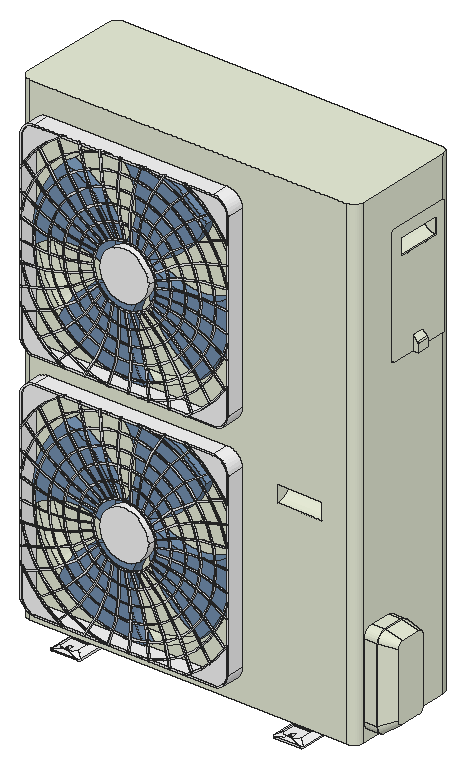
Revit family "ККБ REA I2 20 (22,4_26_28) инвертор", category Оборудование, Revit 2022
Family settings
  Размер круглого соединителя = Использовать радиус
  Тип детали = Нормальный
  Номер OmniClass = 23.75.00.00
  Заголовок OmniClass = Climate Control (HVAC)
  На основе рабочей плоскости = Нет
  Всегда вертикально = Да
  При загрузке вырезать с полостями = Нет
  Сохранять ориентацию аннотаций = Нет
  Общий = Нет
  Точка принадлежности помещению = Нет
Parameters (values of type "ККБ REA I2 20 инвертор")
  Отметка по умолчанию = 0.000 mm
  clearance access right = 600.000 mm
  clearance access left = 300.000 mm
  clearance access front = 3000.000 mm
  clearance access behind = 300.000 mm
  clearance [instance] = no
  Width = 978.000 mm
  Series = "CCU"
  Power supply = "380-415V 3N~50Hz/60Hz"
  Net Weight = 115.00 kg
  Группа модели = "ККБ REA I2 20 инвертор"
  Minimum Circuit Amps = 26.4 A
  Maximum Fuse Amps = 32 A
  Изготовитель = "WAER"  # constant formula
  Liquid pipe Radius = 0.5 * Liquid pipe  # 4.765 mm
  Liquid pipe = 9.530 mm
  Installation = "Outdoor installation"
  Height = 1327.000 mm
  Gas pipe Radius = 0.5 * Gas pipe  # 9.550 mm
  Gas pipe = 19.100 mm
  Gas = "R410A"
  Описание = "High efficiency air cooled"
  Depth = 405.000 mm
  Cooling Power Input = 5.13 kW
  Cooling Capacity = 20.00 kW
  Condensation = "Air"
  Compressor = "1"
  Casing color = "SB2098"
  Air Flow = 7150.00 m³/h
Types (5, lengths in mm): name | Группа модели | Cooling Power Input | Cooling Capacity
  (no name) | "ККБ REA I2 20 инвертор" | 5.13 kW | 20.00 kW
  ККБ REA I2 20 инвертор | "ККБ REA I2 20 инвертор" | 5.13 kW | 20.00 kW
  ККБ REA I2 22,4 инвертор | "ККБ REA I2 22,4 инвертор" | 5.93 kW | 22.40 kW
  ККБ REA I2 26 инвертор | "ККБ REA I2 26 инвертор" | 7.43 kW | 26.00 kW
  ККБ REA I2 28 инвертор | "ККБ REA I2 28 инвертор" | 8.24 kW | 28.00 kW
Reference planes
  plane 1 "Center (Front/Back)": y = 0
  plane 2: z = 0
  plane 3 "Center (Left/Right)": x = 0
  plane 4: y = 159
  plane 5: y = -159
  plane 6: x = -451
  plane 7: x = 451
  plane 8: z = 300.608
  plane 9: z = 840
  plane 10: y = 200
  plane 11: x = -136
  plane 12: z = 350
  plane 13: z = 975.5
  plane 14: x = -300
  plane 15: x = 300
  plane 16: y = -205
  plane 17: y = 45
Forms (mm)
  Extrusion 1, solid, material "Galvanized Steel", detail levels medium+fine
    sketch origin (-463, 0, 789) x (1, 0, 0) y (0, 1, 0)
      loop
        line (889, 159) -> (37, 159)
        arc (37, 159) -> (19.322, 151.678) -> (12, 134) r 25
        line (12, 134) -> (12, -134)
        arc (12, -134) -> (19.322, -151.678) -> (37, -159) r 25
        line (37, -159) -> (889, -159)
        arc (889, -159) -> (906.678, -151.678) -> (914, -134) r 25
        line (914, -134) -> (914, 134)
        arc (914, 134) -> (906.678, 151.678) -> (889, 159) r 25
    from -765 to 538
  Extrusion 2, solid, material "Galvanized Steel", detail levels fine
    sketch origin (-69, -22.567, 669.869) x (0, 1, 0) y (0, 0, 1)
      loop
        arc (-8.433, 549.131) -> (-15.504, 546.202) -> (-18.433, 539.131) r 10
        line (-18.433, 539.131) -> (-18.433, 239.131)
        arc (-18.433, 239.131) -> (-15.504, 232.06) -> (-8.433, 229.131) r 10
        line (-8.433, 229.131) -> (151.567, 229.131)
        arc (151.567, 229.131) -> (158.638, 232.06) -> (161.567, 239.131) r 10
        line (161.567, 239.131) -> (161.567, 539.131)
        arc (161.567, 539.131) -> (158.638, 546.202) -> (151.567, 549.131) r 10
        line (151.567, 549.131) -> (-8.433, 549.131)
    from 520 to 522
  Extrusion 3, void
    sketch origin (-20, -27.567, 656.965) x (1, 0, 0) y (0, 0, 1)
      loop
        line (446.25, 532.035) -> (428.211, 532.035)
        arc (428.211, 532.035) -> (441.329, 500.364) -> (473, 487.246) r 44.789
        line (473, 487.246) -> (473, 532.035) -> (446.25, 532.035)
    from -137.024 to -16.461
  Extrusion 4, void
    sketch origin (-13.001, 0, -56.499) x (1, 0, 0) y (0, 0, 1)
      loop
        circle (-122.999, 406.499) r 270
    from 110.334 to 189
  Extrusion 5, void
    sketch origin (-13.001, 0, 569.001) x (1, 0, 0) y (0, 0, 1)
      loop
        circle (-122.999, 406.499) r 270
    from 110.334 to 189
  Extrusion 6, void
    sketch origin (376.743, 314, 52.754) x (0, -1, 0) y (0, 0, -1)
      loop
        line (446.25, -532.035) -> (473, -532.035) -> (473, -487.246)
        arc (473, -487.246) -> (441.329, -500.364) -> (428.211, -532.035) r 44.789
        line (428.211, -532.035) -> (446.25, -532.035)
    from -137.024 to -16.461
  Extrusion 7, solid, material "Galvanized Steel"
    sketch origin (0, 60, -6.579) x (1, 0, 0) y (0, 0, 1)
      loop
        line (453, 905.579) -> (468, 905.579) -> (468, 928.093)
        arc (468, 928.093) -> (467.543, 930.39) -> (466.243, 932.336) r 6
        line (466.243, 932.336) -> (453, 945.579) -> (453, 905.579)
    from 0 to 30
  Extrusion 8, solid, material "Galvanized Steel"
    sketch origin (0, -13.43, -10.835) x (0, 1, 0) y (0, 0, 1)
      loop
        arc (-95.07, 310.835) -> (-112.748, 303.512) -> (-120.07, 285.835) r 25
        line (-120.07, 285.835) -> (-120.07, 85.835)
        arc (-120.07, 85.835) -> (-112.748, 68.157) -> (-95.07, 60.835) r 25
        line (-95.07, 60.835) -> (-40.07, 60.835)
        arc (-40.07, 60.835) -> (-22.392, 68.157) -> (-15.07, 85.835) r 25
        line (-15.07, 85.835) -> (-15.07, 285.835)
        arc (-15.07, 285.835) -> (-22.392, 303.512) -> (-40.07, 310.835) r 25
        line (-40.07, 310.835) -> (-95.07, 310.835)
    from 451 to 488
  Blend 9, solid, material "Galvanized Steel"
    base sketch origin (0, 0, 0) x (0, 1, 0) y (0, 0, 1)
      loop
        arc (-108.5, 300) -> (-126.178, 292.678) -> (-133.5, 275) r 25
        line (-133.5, 275) -> (-133.5, 75)
        arc (-133.5, 75) -> (-126.178, 57.322) -> (-108.5, 50) r 25
        line (-108.5, 50) -> (-53.5, 50)
        arc (-53.5, 50) -> (-35.822, 57.322) -> (-28.5, 75) r 25
        line (-28.5, 75) -> (-28.5, 275)
        arc (-28.5, 275) -> (-35.822, 292.678) -> (-53.5, 300) r 25
        line (-53.5, 300) -> (-108.5, 300)
    top sketch origin (0, 0, 0) x (0, 1, 0) y (0, 0, 1)
      loop
        arc (-110.5, 94.133) -> (-106.399, 84.233) -> (-96.5, 80.133) r 14
        line (-96.5, 80.133) -> (-42.5, 80.133)
        arc (-42.5, 80.133) -> (-32.601, 84.233) -> (-28.5, 94.133) r 14
        line (-28.5, 94.133) -> (-28.5, 266.133)
        arc (-28.5, 266.133) -> (-32.601, 276.032) -> (-42.5, 280.133) r 14
        line (-42.5, 280.133) -> (-96.5, 280.133)
        arc (-96.5, 280.133) -> (-106.399, 276.032) -> (-110.5, 266.133) r 14
        line (-110.5, 266.133) -> (-110.5, 94.133)
    from 488 to 527
  Extrusion 10, solid, material "Galvanized Steel"
    sketch origin (518.982, -159, 884) x (-1, 0, 0) y (0, 0, -1)
      loop
        circle (30.982, 736.541) r 4.765
    from -139 to -79.49
  Extrusion 11, solid, material "Galvanized Steel"
    sketch origin (518.982, -159, 914) x (-1, 0, 0) y (0, 0, -1)
      loop
        circle (30.982, 736.541) r 7.95
    from -139 to -79.49
Cuts and joins
  Extrusion 3, Extrusion 4, Extrusion 5, Extrusion 6 cuts Extrusion 1
  Extrusion 3 cuts Extrusion 2
Dimensions and locks
  aligned and locked: level to plane 2
Nested families
  nested 1: "fengkou300（fangxing2）" at (-136.001, -205, 350.001) x (1, 0, 0) z (0, 1, 0), type "fengkou300（fangxing2）", detail levels medium+fine
  nested 2: "fengshan270" at (-135.997, -146, 350) x (0, 0, 1) z (0, -1, 0), type "fengshan270", detail levels fine
  nested 3: "fengshan270" at (-135.997, -146, 975) x (0, 0, 1) z (0, -1, 0), type "fengshan270", detail levels fine
  nested 4: "fengkou300（fangxing2）" at (-136.001, -205, 975.501) x (1, 0, 0) z (0, 1, 0), type "fengkou300（fangxing2）", detail levels medium+fine
  nested 5: "xiaodijia2" at (300, 0, 0) x (-1, 0, 0) z (0, 0, 1), type "xiaodijia2", detail levels medium+fine
  nested 6: "xiaodijia2" at (-300, 0, 0) x (-1, 0, 0) z (0, 0, 1), type "xiaodijia2", detail levels medium+fine
  nested 7: "service space" at (-451, -3205, 0), Height <- "Height", visible <- "clearance", type "Midea Service  Space"
    with Width 902.000 mm, Height 1327.000 mm, Depth 3000.000 mm
  nested 8: "service space" at (-751, -205, 0), Height <- "Height", visible <- "clearance", type "Midea Service  Space"
    with Width 300.000 mm, Height 1327.000 mm, Depth 405.000 mm
  nested 9: "service space" at (451, -205, 0), Height <- "Height", visible <- "clearance", type "Midea Service  Space"
    with Width 600.000 mm, Height 1327.000 mm, Depth 405.000 mm
  nested 10: "service space" at (-451, 200, 0), Height <- "Height", visible <- "clearance", type "Midea Service  Space"
    with Width 902.000 mm, Height 1327.000 mm, Depth 300.000 mm
Connectors
  electrical at (453, 45, 919)
    settings: on Extrusion 7, index 4, voltage 380 V, apparent load 0 VA, apparent load phase1 0 VA, apparent load phase2 0 VA, apparent load phase3 0 VA, power factor 1, load classification "HVAC", number of poles 1, system type 30, power factor state 1, is connector primary yes, connector utility no, sub classification motor no, connector description ""
  piping at (488, -20, 147.459), diameter 9.53, driven by "Liquid pipe Radius"
    settings: on Extrusion 10, index 11, connector inside diameter 0.3752", connector length 0.000 mm, flow factor 0, pipe flow 0 GPM, pressure drop 0.00 psi, fitting loss kfactor 0, connector angle 0.00°, fixture units 0, engagement length 0.000 mm, angle of deflection 0.00°, flow configuration 0, flow direction 0, fitting loss method 0, system type 7, joint type 0, gender type 0, connector reference index -1, connector utility 0, adjustable connector no, is connector primary yes, connector description ""
  piping at (488, -20, 177.459), diameter 19.1, driven by "Gas pipe Radius"
    settings: on Extrusion 11, index 12, connector inside diameter 0.75197", connector length 0.000 mm, flow factor 0, pipe flow 0 GPM, pressure drop 0.00 psi, fitting loss kfactor 0, connector angle 0.00°, fixture units 0, engagement length 0.000 mm, angle of deflection 0.00°, flow configuration 0, flow direction 0, fitting loss method 0, system type 8, joint type 0, gender type 0, connector reference index -1, connector utility 0, adjustable connector no, is connector primary no, connector description ""
Definition of nested family "fengkou300（fangxing2）"
  Parameters (values of type "fengkou300（fangxing2）")
    Ширина = 511.000 mm
    Default Elevation = 0.000 mm
    Series = ""
    Machine material = none
    Installation = ""
    Gas = ""
    Condensation = ""
  Reference planes
    plane 1 "Center (Front/Back)": y = 0
    plane 2: z = 0
    plane 3 "Center (Left/Right)": x = 0
    plane 4: through (306.104, -306.102, 1219.2) normal (-0.7071, -0.7071, 0)
    plane 5: y = -280.5
    plane 6: y = 280.5
    plane 7: x = -2805
    plane 8: x = 280.5
    plane 9: x = -280.5
  Forms (mm)
    Extrusion 1, solid, material <- "Machine material"
      sketch origin (0, 0, 0) x (1, 0, 0) y (0, 1, 0)
        loop
          arc (-240.5, 280.502) -> (-268.784, 268.786) -> (-280.5, 240.502) r 40
          line (-280.5, 240.502) -> (-280.5, -240.5)
          arc (-280.5, -240.5) -> (-268.784, -268.784) -> (-240.5, -280.5) r 40
          line (-240.5, -280.5) -> (240.502, -280.5)
          arc (240.502, -280.5) -> (268.786, -268.784) -> (280.502, -240.5) r 40
          line (280.502, -240.5) -> (280.502, 240.502)
          arc (280.502, 240.502) -> (268.786, 268.786) -> (240.502, 280.502) r 40
          line (240.502, 280.502) -> (-240.5, 280.502)
        loop
          arc (-275.5, -240.5) -> (-265.249, -265.249) -> (-240.5, -275.5) r 35
          line (-240.5, -275.5) -> (240.502, -275.5)
          arc (240.502, -275.5) -> (265.251, -265.249) -> (275.502, -240.5) r 35
          line (275.502, -240.5) -> (275.502, 240.502)
          arc (275.502, 240.502) -> (265.251, 265.251) -> (240.502, 275.502) r 35
          line (240.502, 275.502) -> (-240.5, 275.502)
          arc (-240.5, 275.502) -> (-265.249, 265.251) -> (-275.5, 240.502) r 35
          line (-275.5, 240.502) -> (-275.5, -240.5)
      from 0 to 46
    Extrusion 2, solid, material <- "Machine material"
      sketch origin (-1059.446, 0, 0) x (1, 0, 0) y (0, 1, 0)
        loop
          arc (1057.944, 325.599) -> (1075.707, 203.994) -> (1057.944, 82.388) r 425.139
          line (1057.944, 82.388) -> (1060.944, 82.388)
          arc (1060.944, 82.388) -> (1079.359, 203.994) -> (1060.944, 325.599) r 410.714
          line (1060.944, 325.599) -> (1057.944, 325.599)
        loop
          arc (1060.948, -325.999) -> (1043.071, -203.994) -> (1060.948, -81.989) r 425.254
          line (1060.948, -81.989) -> (1057.948, -81.989)
          arc (1057.948, -81.989) -> (1039.414, -203.994) -> (1057.948, -325.999) r 410.832
          line (1057.948, -325.999) -> (1060.948, -325.999)
        loop
          arc (1385.445, 1.502) -> (1263.939, -16.232) -> (1142.434, 1.502) r 425.111
          line (1142.434, 1.502) -> (1142.434, -1.498)
          arc (1142.434, -1.498) -> (1263.939, -19.884) -> (1385.445, -1.498) r 410.684
          line (1385.445, -1.498) -> (1385.445, 1.502)
        loop
          arc (733.447, -1.502) -> (854.952, 16.232) -> (976.457, -1.502) r 425.111
          line (976.457, -1.502) -> (976.457, 1.498)
          arc (976.457, 1.498) -> (854.952, 19.884) -> (733.447, 1.498) r 410.684
          line (733.447, 1.498) -> (733.447, -1.502)
        loop
          arc (1288.9, 231.078) -> (1215.451, 132.906) -> (1117.065, 59.744) r 425.63
          line (1117.065, 59.744) -> (1119.187, 57.623)
          arc (1119.187, 57.623) -> (1218.031, 130.325) -> (1291.021, 228.957) r 411.179
          line (1291.021, 228.957) -> (1288.9, 231.078)
        loop
          arc (829.992, -231.078) -> (903.402, -132.752) -> (1001.826, -59.474) r 425.349
          line (1001.826, -59.474) -> (999.705, -57.359)
          arc (999.705, -57.359) -> (900.822, -130.174) -> (827.871, -228.957) r 410.917
          line (827.871, -228.957) -> (829.992, -231.078)
        loop
          arc (1291.024, -228.954) -> (1192.442, -155.202) -> (1119.19, -56.249) r 424.216
          line (1119.19, -56.249) -> (1117.068, -58.37)
          arc (1117.068, -58.37) -> (1189.856, -157.786) -> (1288.903, -231.075) r 409.832
          line (1288.903, -231.075) -> (1291.024, -228.954)
        loop
          arc (827.868, 229.684) -> (926.358, 156.208) -> (999.702, 57.62) r 424.873
          line (999.702, 57.62) -> (1001.823, 59.741)
          arc (1001.823, 59.741) -> (928.942, 158.794) -> (829.989, 231.812) r 410.451
          line (829.989, 231.812) -> (827.868, 229.684)
        loop
          arc (1182.812, 301.758) -> (1152.699, 182.716) -> (1089.816, 77.246) r 425.111
          line (1089.816, 77.246) -> (1092.588, 76.098)
          arc (1092.588, 76.098) -> (1156.072, 181.318) -> (1185.584, 300.61) r 410.684
          line (1185.584, 300.61) -> (1182.812, 301.758)
        loop
          arc (936.079, -301.758) -> (966.193, -182.716) -> (1029.075, -77.246) r 425.111
          line (1029.075, -77.246) -> (1026.304, -76.098)
          arc (1026.304, -76.098) -> (962.819, -181.318) -> (933.308, -300.61) r 410.684
          line (933.308, -300.61) -> (936.079, -301.758)
        loop
          arc (1361.204, -122.866) -> (1242.233, -92.918) -> (1136.692, -30.371) r 426.886
          line (1136.692, -30.371) -> (1135.544, -33.142)
          arc (1135.544, -33.142) -> (1240.838, -96.289) -> (1360.056, -125.638) r 412.386
          line (1360.056, -125.638) -> (1361.204, -122.866)
        loop
          arc (757.687, 123.366) -> (876.73, 93.253) -> (982.199, 30.371) r 425.111
          line (982.199, 30.371) -> (983.347, 33.142)
          arc (983.347, 33.142) -> (878.127, 96.626) -> (758.835, 126.138) r 410.684
          line (758.835, 126.138) -> (757.687, 123.366)
        loop
          arc (1360.054, 126.142) -> (1254.585, 63.26) -> (1135.542, 33.146) r 425.111
          line (1135.542, 33.146) -> (1136.69, 30.375)
          arc (1136.69, 30.375) -> (1255.982, 59.886) -> (1361.203, 123.37) r 410.684
          line (1361.203, 123.37) -> (1360.054, 126.142)
        loop
          arc (758.837, -126.142) -> (864.307, -63.26) -> (983.349, -33.146) r 425.111
          line (983.349, -33.146) -> (982.201, -30.375)
          arc (982.201, -30.375) -> (862.909, -59.886) -> (757.689, -123.37) r 410.684
          line (757.689, -123.37) -> (758.837, -126.142)
        loop
          arc (1185.588, -300.609) -> (1122.706, -195.139) -> (1092.592, -76.097) r 425.111
          line (1092.592, -76.097) -> (1089.82, -77.245)
          arc (1089.82, -77.245) -> (1119.332, -196.537) -> (1182.816, -301.757) r 410.684
          line (1182.816, -301.757) -> (1185.588, -300.609)
        loop
          arc (1029.071, 77.245) -> (1004.505, 184.021) -> (952.581, 280.502) r 410.684
          line (952.581, 280.502) -> (948.677, 280.502)
          arc (948.677, 280.502) -> (1000.855, 183.375) -> (1026.3, 76.097) r 425.111
          line (1026.3, 76.097) -> (1029.071, 77.245)
        loop
          arc (1121.572, 320.028) -> (1115.347, 197.089) -> (1074.163, 81.087) r 425.158
          line (1074.163, 81.087) -> (1077.105, 80.501)
          arc (1077.105, 80.501) -> (1118.931, 196.376) -> (1124.514, 319.443) r 410.735
          line (1124.514, 319.443) -> (1121.572, 320.028)
        loop
          arc (997.32, -320.028) -> (1003.545, -197.089) -> (1044.729, -81.087) r 425.158
          line (1044.729, -81.087) -> (1041.786, -80.492)
          arc (1041.786, -80.492) -> (999.959, -196.372) -> (994.378, -319.443) r 410.736
          line (994.378, -319.443) -> (997.32, -320.028)
        loop
          arc (1379.474, -61.626) -> (1256.915, -55.389) -> (1141.133, -14.717) r 429.102
          line (1141.133, -14.717) -> (1140.548, -17.659)
          arc (1140.548, -17.659) -> (1256.205, -58.965) -> (1378.888, -64.568) r 414.514
          line (1378.888, -64.568) -> (1379.474, -61.626)
        loop
          arc (739.418, 62.126) -> (862.048, 55.815) -> (977.759, 14.717) r 425.111
          line (977.759, 14.717) -> (978.344, 17.659)
          arc (978.344, 17.659) -> (862.761, 59.396) -> (740.003, 65.068) r 410.684
          line (740.003, 65.068) -> (739.418, 62.126)
        loop
          arc (1329.669, 182.364) -> (1238.494, 100.114) -> (1127.614, 47.355) r 425.111
          line (1127.614, 47.355) -> (1129.28, 44.861)
          arc (1129.28, 44.861) -> (1240.523, 97.078) -> (1331.336, 179.87) r 410.684
          line (1331.336, 179.87) -> (1329.669, 182.364)
        loop
          arc (789.222, -181.864) -> (880.421, -99.715) -> (991.278, -47.021) r 425.43
          line (991.278, -47.021) -> (989.611, -44.532)
          arc (989.611, -44.532) -> (878.394, -96.682) -> (787.556, -179.37) r 410.999
          line (787.556, -179.37) -> (789.222, -181.864)
        loop
          arc (1241.81, -269.723) -> (1159.435, -178.153) -> (1106.801, -66.797) r 424.698
          line (1106.801, -66.797) -> (1104.306, -68.464)
          arc (1104.306, -68.464) -> (1156.395, -180.184) -> (1239.316, -271.39) r 410.296
          line (1239.316, -271.39) -> (1241.81, -269.723)
        loop
          arc (877.082, 269.723) -> (959.448, 178.18) -> (1012.091, 66.856) r 424.726
          line (1012.091, 66.856) -> (1014.585, 68.464)
          arc (1014.585, 68.464) -> (962.497, 180.184) -> (879.576, 271.39) r 410.296
          line (879.576, 271.39) -> (877.082, 269.723)
        loop
          arc (1239.312, 271.393) -> (1186.481, 160.786) -> (1104.303, 69.837) r 425.351
          line (1104.303, 69.837) -> (1106.797, 68.17)
          arc (1106.797, 68.17) -> (1189.515, 158.758) -> (1241.806, 269.726) r 410.91
          line (1241.806, 269.726) -> (1239.312, 271.393)
        loop
          arc (879.58, -271.393) -> (932.383, -160.681) -> (1014.589, -69.645) r 425.258
          line (1014.589, -69.645) -> (1012.094, -67.987)
          arc (1012.094, -67.987) -> (929.349, -158.657) -> (877.085, -269.726) r 410.826
          line (877.085, -269.726) -> (879.58, -271.393)
        loop
          arc (1331.338, -179.366) -> (1220.333, -126.263) -> (1129.283, -43.486) r 423.452
          line (1129.283, -43.486) -> (1127.616, -45.98)
          arc (1127.616, -45.98) -> (1218.3, -129.302) -> (1329.672, -181.861) r 409.097
          line (1329.672, -181.861) -> (1331.338, -179.366)
        loop
          arc (787.553, 180.033) -> (898.457, 127.208) -> (989.609, 44.857) r 424.792
          line (989.609, 44.857) -> (991.275, 47.351)
          arc (991.275, 47.351) -> (900.488, 130.248) -> (789.22, 182.532) r 410.369
          line (789.22, 182.532) -> (787.553, 180.033)
        loop
          arc (1378.887, 65.072) -> (1263.177, 23.975) -> (1140.547, 17.664) r 425.111
          line (1140.547, 17.664) -> (1141.132, 14.721)
          arc (1141.132, 14.721) -> (1263.889, 20.393) -> (1379.473, 62.13) r 410.684
          line (1379.473, 62.13) -> (1378.887, 65.072)
        loop
          arc (740.004, -65.072) -> (855.715, -23.975) -> (978.345, -17.664) r 425.111
          line (978.345, -17.664) -> (977.76, -14.721)
          arc (977.76, -14.721) -> (855.002, -20.393) -> (739.419, -62.13) r 410.684
          line (739.419, -62.13) -> (740.004, -65.072)
        loop
          arc (1124.518, -319.442) -> (1082.999, -202.306) -> (1077.109, -78.17) r 425.345
          line (1077.109, -78.17) -> (1074.167, -78.947)
          arc (1074.167, -78.947) -> (1079.432, -203.113) -> (1121.576, -320.027) r 410.922
          line (1121.576, -320.027) -> (1124.518, -319.442)
        loop
          arc (994.373, 319.442) -> (1035.471, 203.731) -> (1041.782, 81.101) r 425.111
          line (1041.782, 81.101) -> (1044.725, 81.686)
          arc (1044.725, 81.686) -> (1039.053, 204.444) -> (997.316, 320.027) r 410.684
          line (997.316, 320.027) -> (994.373, 319.442)
      from 0 to 2
    Extrusion 3, solid, material <- "Machine material"
      sketch origin (-1059.446, 0, 0) x (1, 0, 0) y (0, 1, 0)
        loop
          circle (1059.448, 0) r 65
      from 0 to 20
    Extrusion 4, solid, material <- "Machine material"
      sketch origin (0, 0, 0) x (1, 0, 0) y (0, 1, 0)
        loop
          circle (0, 0.002) r 326
        loop
          circle (0, 0.002) r 323
        loop
          circle (0, 0.002) r 286
        loop
          circle (0, 0.002) r 283
        loop
          circle (0, 0.002) r 246
        loop
          circle (0, 0.002) r 243
        loop
          circle (0, 0.002) r 206
        loop
          circle (0, 0.002) r 203
        loop
          circle (0, 0.002) r 166
        loop
          circle (0, 0.002) r 163
        loop
          circle (0, 0.002) r 126
        loop
          circle (0, 0.002) r 123
        loop
          circle (0, 0.002) r 86
        loop
          circle (0, 0.002) r 83
      from 0 to 2
    Extrusion 5, void
      sketch origin (0, 0, 0) x (1, 0, 0) y (0, 1, 0)
        loop
          line (235.502, 280.502) -> (-240, 280.502)
          arc (-240, 280.502) -> (-268.638, 268.64) -> (-280.5, 240.002) r 40.5
          line (-280.5, 240.002) -> (-280.5, -240.5)
          arc (-280.5, -240.5) -> (-268.784, -268.784) -> (-240.5, -280.5) r 40
          line (-240.5, -280.5) -> (235.502, -280.5)
          arc (235.502, -280.5) -> (263.786, -268.784) -> (275.502, -240.5) r 40
          line (275.502, -240.5) -> (275.502, 240.502)
          arc (275.502, 240.502) -> (263.786, 268.786) -> (235.502, 280.502) r 40
        loop
          arc (-259.5, 416) -> (-358.849, 374.849) -> (-400, 275.5) r 140.5
          line (-400, 275.5) -> (-400, -276)
          arc (-400, -276) -> (-358.995, -374.995) -> (-260, -416) r 140
          line (-260, -416) -> (260, -416)
          arc (260, -416) -> (358.995, -374.995) -> (400, -276) r 140
          line (400, -276) -> (400, 276)
          arc (400, 276) -> (358.995, 374.995) -> (260, 416) r 140
          line (260, 416) -> (-259.5, 416)
      from 0 to 250
    Extrusion 6, solid, material <- "Machine material"
      sketch origin (0, 0, 0) x (1, 0, 0) y (0, 1, 0)
        loop
          line (-173.497, 276) -> (-240.5, 276)
          arc (-240.5, 276) -> (-265.602, 265.602) -> (-276, 240.5) r 35.5
          line (-276, 240.5) -> (-276, 173.496)
          arc (-276, 173.496) -> (-230.518, 230.518) -> (-173.497, 276) r 326
        loop
          arc (-276, -240.5) -> (-265.602, -265.602) -> (-240.5, -276) r 35.5
          line (-240.5, -276) -> (-173.49, -276)
          arc (-173.49, -276) -> (-230.515, -230.516) -> (-276, -173.491) r 326
          line (-276, -173.491) -> (-276, -240.5)
        loop
          arc (240.5, -276) -> (265.602, -265.602) -> (276, -240.5) r 35.5
          line (276, -240.5) -> (276, -173.491)
          arc (276, -173.491) -> (230.515, -230.516) -> (173.49, -276) r 326
          line (173.49, -276) -> (240.5, -276)
        loop
          arc (276, 241) -> (265.749, 265.749) -> (241, 276) r 35
          line (241, 276) -> (173.497, 276)
          arc (173.497, 276) -> (230.518, 230.518) -> (276, 173.496) r 326
          line (276, 173.496) -> (276, 241)
      from 0 to 2
  Cuts and joins
    Extrusion 5 cuts Extrusion 2
    Extrusion 5 cuts Extrusion 4
  Dimensions and locks
    aligned and locked: level to plane 2
  Automatic sketch dimensions
    plane 1 "Center (Front/Back)" to Extrusion 3 sketch curve = 0.000 mm
    plane 4 to Extrusion 3 sketch curve = 0.000 mm
    Extrusion 4 sketch curve to Extrusion 4 sketch curve = 0.000 mm  (x182)
    Extrusion 4 sketch curve to plane 3 "Center (Left/Right)" = 0.000 mm
    plane 4 to Extrusion 4 sketch curve = 0.000 mm
    Extrusion 5 sketch curve to Extrusion 5 sketch curve = 24.498 mm  (x2)
    Extrusion 5 sketch curve to Extrusion 5 sketch curve = 35.498 mm  (x2)
    Extrusion 5 sketch curve to Extrusion 5 sketch curve = 19.500 mm  (x2)
    Extrusion 5 sketch curve to Extrusion 5 sketch curve = 35.500 mm
    Extrusion 5 sketch curve to Extrusion 5 sketch curve = 119.500 mm
    Extrusion 6 sketch curve to Extrusion 6 sketch curve = 0.000 mm  (x6)
    Extrusion 6 sketch curve to plane 3 "Center (Left/Right)" = 0.000 mm
    plane 4 to Extrusion 6 sketch curve = 0.000 mm
    Extrusion 6 sketch curve to Extrusion 6 sketch curve = 67.003 mm
    Extrusion 6 sketch curve to Extrusion 6 sketch curve = 67.010 mm
    Extrusion 1 sketch curve to Extrusion 1 sketch curve = 0.000 mm  (x10)
    Extrusion 1 sketch curve to plane 9 = 0.000 mm
    plane 4 to Extrusion 1 sketch curve = 0.000 mm  (x2)
    Extrusion 1 sketch curve to plane 5 = 0.000 mm
    Extrusion 1 sketch curve to Extrusion 1 sketch curve = 35.000 mm  (x3)
    Extrusion 2 sketch curve to Extrusion 2 sketch curve = 2.430 mm
    Extrusion 2 sketch curve to Extrusion 2 sketch curve = 15.094 mm
    Extrusion 2 sketch curve to Extrusion 2 sketch curve = 15.032 mm  (x6)
    Extrusion 2 sketch curve to Extrusion 2 sketch curve = 19.861 mm
    Extrusion 2 sketch curve to Extrusion 2 sketch curve = 17.731 mm  (x6)
    Extrusion 2 sketch curve to Extrusion 2 sketch curve = 12.783 mm  (x6)
    Extrusion 2 sketch curve to Extrusion 2 sketch curve = 14.307 mm  (x3)
    Extrusion 2 sketch curve to Extrusion 2 sketch curve = 36.529 mm
    Extrusion 2 sketch curve to Extrusion 2 sketch curve = 18.078 mm  (x4)
    Extrusion 2 sketch curve to Extrusion 2 sketch curve = 10.044 mm  (x6)
    Extrusion 2 sketch curve to plane 6 = 0.667 mm
    Extrusion 2 sketch curve to plane 5 = 18.998 mm
    Extrusion 2 sketch curve to plane 5 = 2.296 mm
    Extrusion 2 sketch curve to Extrusion 2 sketch curve = 6.918 mm  (x6)
    plane 1 "Center (Front/Back)" to Extrusion 2 sketch curve = 1.502 mm  (x2)
    Extrusion 2 sketch curve to Extrusion 2 sketch curve = 0.585 mm  (x11)
    plane 9 to Extrusion 2 sketch curve = 2.296 mm
    Extrusion 2 sketch curve to plane 9 = 0.167 mm
    Extrusion 2 sketch curve to Extrusion 2 sketch curve = 1.667 mm  (x13)
    Extrusion 2 sketch curve to Extrusion 2 sketch curve = 2.121 mm  (x14)
    Extrusion 2 sketch curve to Extrusion 2 sketch curve = 0.000 mm  (x2)
    Extrusion 2 sketch curve to Extrusion 2 sketch curve = 47.093 mm  (x3)
    Extrusion 2 sketch curve to Extrusion 2 sketch curve = 2.494 mm  (x14)
    Extrusion 2 sketch curve to Extrusion 2 sketch curve = 66.806 mm  (x2)
    Extrusion 2 sketch curve to plane 5 = 20.110 mm
    Extrusion 2 sketch curve to Extrusion 2 sketch curve = 53.728 mm  (x4)
    Extrusion 2 sketch curve to Extrusion 2 sketch curve = 80.171 mm  (x2)
    Extrusion 2 sketch curve to plane 5 = 21.258 mm
    Extrusion 2 sketch curve to Extrusion 2 sketch curve = 2.772 mm  (x9)
    Extrusion 2 sketch curve to Extrusion 2 sketch curve = 3.527 mm  (x3)
    Extrusion 2 sketch curve to plane 1 "Center (Front/Back)" = 14.717 mm
    Extrusion 2 sketch curve to Extrusion 2 sketch curve = 1.302 mm  (x3)
    plane 1 "Center (Front/Back)" to Extrusion 2 sketch curve = 14.721 mm
    Extrusion 2 sketch curve to plane 1 "Center (Front/Back)" = 17.659 mm
    plane 1 "Center (Front/Back)" to Extrusion 2 sketch curve = 17.664 mm
    Extrusion 2 sketch curve to plane 1 "Center (Front/Back)" = 30.371 mm
    Extrusion 2 sketch curve to Extrusion 2 sketch curve = 3.855 mm  (x2)
    plane 1 "Center (Front/Back)" to Extrusion 2 sketch curve = 30.375 mm
    Extrusion 2 sketch curve to Extrusion 2 sketch curve = 3.856 mm  (x3)
    Extrusion 2 sketch curve to plane 1 "Center (Front/Back)" = 33.142 mm
    Extrusion 2 sketch curve to Extrusion 2 sketch curve = 1.148 mm  (x10)
    plane 1 "Center (Front/Back)" to Extrusion 2 sketch curve = 33.146 mm
    Extrusion 2 sketch curve to plane 1 "Center (Front/Back)" = 44.857 mm
    Extrusion 2 sketch curve to Extrusion 2 sketch curve = 6.261 mm  (x3)
    plane 1 "Center (Front/Back)" to Extrusion 2 sketch curve = 44.532 mm
    Extrusion 2 sketch curve to Extrusion 2 sketch curve = 6.262 mm  (x2)
    plane 6 to Extrusion 2 sketch curve = 38.942 mm
    Extrusion 2 sketch curve to Extrusion 2 sketch curve = 58.298 mm  (x5)
    plane 6 to Extrusion 2 sketch curve = 39.527 mm
    Extrusion 2 sketch curve to Extrusion 2 sketch curve = 2.942 mm  (x10)
    Extrusion 2 sketch curve to Extrusion 2 sketch curve = 8.426 mm  (x3)
    Extrusion 2 sketch curve to Extrusion 2 sketch curve = 8.427 mm  (x3)
    Extrusion 2 sketch curve to plane 3 "Center (Left/Right)" = 57.131 mm
    Extrusion 2 sketch curve to Extrusion 2 sketch curve = 10.268 mm  (x7)
    Extrusion 2 sketch curve to plane 3 "Center (Left/Right)" = 39.375 mm
    Extrusion 2 sketch curve to Extrusion 2 sketch curve = 11.714 mm  (x2)
    Extrusion 2 sketch curve to Extrusion 2 sketch curve = 11.715 mm  (x2)
    Extrusion 2 sketch curve to Extrusion 2 sketch curve = 12.711 mm  (x4)
    Extrusion 2 sketch curve to plane 3 "Center (Left/Right)" = 1.502 mm  (x2)
    Extrusion 2 sketch curve to plane 3 "Center (Left/Right)" = 1.498 mm  (x2)
    plane 3 "Center (Left/Right)" to Extrusion 2 sketch curve = 1.498 mm  (x2)
    plane 3 "Center (Left/Right)" to Extrusion 2 sketch curve = 1.502 mm  (x2)
    Extrusion 2 sketch curve to Extrusion 2 sketch curve = 13.219 mm  (x2)
    plane 3 "Center (Left/Right)" to Extrusion 2 sketch curve = 32.456 mm
    plane 3 "Center (Left/Right)" to Extrusion 2 sketch curve = 47.087 mm
    plane 6 to Extrusion 2 sketch curve = 39.528 mm
    Extrusion 2 sketch curve to Extrusion 2 sketch curve = 60.628 mm  (x3)
    Extrusion 2 sketch curve to plane 5 = 39.527 mm
    plane 6 to Extrusion 2 sketch curve = 38.943 mm
    Extrusion 2 sketch curve to plane 5 = 38.942 mm
    Extrusion 2 sketch curve to plane 1 "Center (Front/Back)" = 44.861 mm
    Extrusion 2 sketch curve to plane 1 "Center (Front/Back)" = 33.146 mm
    plane 1 "Center (Front/Back)" to Extrusion 2 sketch curve = 33.142 mm
    Extrusion 2 sketch curve to plane 1 "Center (Front/Back)" = 30.375 mm
    plane 1 "Center (Front/Back)" to Extrusion 2 sketch curve = 30.371 mm
    Extrusion 2 sketch curve to plane 1 "Center (Front/Back)" = 17.664 mm
    plane 1 "Center (Front/Back)" to Extrusion 2 sketch curve = 17.659 mm
    Extrusion 2 sketch curve to plane 1 "Center (Front/Back)" = 14.721 mm
    plane 1 "Center (Front/Back)" to Extrusion 2 sketch curve = 14.717 mm
    plane 1 "Center (Front/Back)" to Extrusion 2 sketch curve = 1.498 mm  (x2)
    Extrusion 2 sketch curve to Extrusion 2 sketch curve = 81.421 mm
    plane 6 to Extrusion 2 sketch curve = 21.258 mm
    Extrusion 2 sketch curve to plane 5 = 21.257 mm
    plane 6 to Extrusion 2 sketch curve = 20.110 mm
    Extrusion 2 sketch curve to plane 5 = 20.109 mm
    Extrusion 2 sketch curve to Extrusion 2 sketch curve = 74.608 mm
    Extrusion 2 sketch curve to plane 8 = 0.167 mm
    plane 8 to Extrusion 2 sketch curve = 2.296 mm
    plane 6 to Extrusion 2 sketch curve = 4.505 mm
    plane 5 to Extrusion 2 sketch curve = 0.667 mm
    Extrusion 2 sketch curve to Extrusion 2 sketch curve = 29.673 mm  (x2)
    Extrusion 2 sketch curve to Extrusion 2 sketch curve = 33.789 mm  (x2)
    Extrusion 2 sketch curve to plane 1 "Center (Front/Back)" = 47.087 mm
    Extrusion 2 sketch curve to Extrusion 2 sketch curve = 17.613 mm  (x2)
    plane 1 "Center (Front/Back)" to Extrusion 2 sketch curve = 39.375 mm
    Extrusion 2 sketch curve to Extrusion 2 sketch curve = 16.123 mm  (x2)
    Extrusion 2 sketch curve to Extrusion 2 sketch curve = 16.702 mm  (x5)
    Extrusion 2 sketch curve to plane 5 = 39.528 mm
    Extrusion 2 sketch curve to plane 5 = 45.499 mm
    Extrusion 2 sketch curve to plane 5 = 57.980 mm
    Extrusion 2 sketch curve to plane 5 = 62.896 mm
    Extrusion 2 sketch curve to Extrusion 2 sketch curve = 48.667 mm  (x3)
    plane 1 "Center (Front/Back)" to Extrusion 2 sketch curve = 57.131 mm
    Extrusion 2 sketch curve to plane 1 "Center (Front/Back)" = 1.498 mm
    Extrusion 2 sketch curve to plane 1 "Center (Front/Back)" = 1.502 mm
    Extrusion 2 sketch curve to Extrusion 2 sketch curve = 0.702 mm
    Extrusion 2 sketch curve to plane 6 = 51.543 mm
    Extrusion 2 sketch curve to Extrusion 2 sketch curve = 25.164 mm
    plane 6 to Extrusion 2 sketch curve = 0.002 mm
    Extrusion 2 sketch curve to Extrusion 2 sketch curve = 3.903 mm
    Extrusion 2 sketch curve to plane 1 "Center (Front/Back)" = 32.456 mm
    Extrusion 2 sketch curve to Extrusion 2 sketch curve = 69.101 mm
    Extrusion 2 sketch curve to Extrusion 2 sketch curve = 41.792 mm
    plane 9 to Extrusion 2 sketch curve = 20.109 mm
    plane 9 to Extrusion 2 sketch curve = 20.110 mm
    plane 9 to Extrusion 2 sketch curve = 38.942 mm
    plane 9 to Extrusion 2 sketch curve = 38.943 mm
    Extrusion 2 sketch curve to Extrusion 2 sketch curve = 5.971 mm
    plane 9 to Extrusion 2 sketch curve = 57.980 mm
    plane 9 to Extrusion 2 sketch curve = 62.896 mm
    Extrusion 5 sketch curve to plane 5 = 0.000 mm
    plane 8 to Extrusion 2 sketch curve = 20.109 mm
    plane 8 to Extrusion 2 sketch curve = 20.110 mm
    Extrusion 2 sketch curve to Extrusion 2 sketch curve = 17.685 mm
    plane 8 to Extrusion 2 sketch curve = 38.943 mm
    Extrusion 2 sketch curve to Extrusion 2 sketch curve = 61.675 mm
    Extrusion 2 sketch curve to Extrusion 2 sketch curve = 43.898 mm
    Extrusion 1 sketch curve to plane 9 = 5.000 mm
    Extrusion 2 sketch curve to plane 9 = 3.694 mm
    Extrusion 2 sketch curve to plane 9 = 8.607 mm
    Extrusion 2 sketch curve to plane 9 = 8.610 mm
    Extrusion 2 sketch curve to plane 9 = 48.922 mm
    Extrusion 2 sketch curve to plane 9 = 48.925 mm
    Extrusion 2 sketch curve to plane 9 = 54.140 mm
    Extrusion 2 sketch curve to Extrusion 2 sketch curve = 75.839 mm  (x2)
    Extrusion 5 sketch curve to plane 9 = 0.000 mm
    plane 4 to Extrusion 5 sketch curve = 0.000 mm
    Extrusion 6 sketch curve to plane 9 = 107.010 mm
    Extrusion 6 sketch curve to plane 9 = 107.003 mm
    Extrusion 6 sketch curve to plane 9 = 4.500 mm  (x2)
    Extrusion 2 sketch curve to Extrusion 2 sketch curve = 7.115 mm
    Extrusion 2 sketch curve to Extrusion 2 sketch curve = 1.608 mm
    Extrusion 2 sketch curve to plane 6 = 76.506 mm
    Extrusion 2 sketch curve to plane 6 = 10.774 mm
    Extrusion 5 sketch curve to plane 6 = 5.000 mm
    Extrusion 5 sketch curve to plane 6 = 39.998 mm
    Extrusion 6 sketch curve to plane 6 = 107.004 mm  (x2)
    Extrusion 1 sketch curve to plane 8 = 39.998 mm
    Extrusion 2 sketch curve to plane 8 = 76.006 mm
    Extrusion 2 sketch curve to plane 8 = 69.172 mm
    Extrusion 2 sketch curve to plane 8 = 51.046 mm
    Extrusion 2 sketch curve to plane 8 = 51.043 mm
    Extrusion 2 sketch curve to plane 8 = 10.277 mm
    Extrusion 2 sketch curve to plane 8 = 10.274 mm
    Extrusion 2 sketch curve to plane 8 = 3.694 mm
    Extrusion 5 sketch curve to plane 8 = 44.998 mm  (x2)
    Extrusion 6 sketch curve to plane 8 = 107.010 mm
    Extrusion 6 sketch curve to plane 6 = 4.500 mm
    Extrusion 6 sketch curve to plane 8 = 107.003 mm
    Extrusion 6 sketch curve to plane 8 = 40.000 mm
    Extrusion 6 sketch curve to plane 8 = 39.500 mm
    Extrusion 6 sketch curve to plane 8 = 4.500 mm
    plane 5 to Extrusion 2 sketch curve = 4.194 mm
    plane 5 to Extrusion 2 sketch curve = 9.107 mm
    plane 5 to Extrusion 2 sketch curve = 9.110 mm
    plane 5 to Extrusion 2 sketch curve = 49.422 mm
    Extrusion 2 sketch curve to Extrusion 2 sketch curve = 38.648 mm
    plane 5 to Extrusion 2 sketch curve = 54.640 mm
    Extrusion 5 sketch curve to plane 9 = 20.500 mm
    plane 5 to Extrusion 6 sketch curve = 107.009 mm  (x2)
    radius of Extrusion 3 sketch curve = 65.000 mm
    radius of Extrusion 4 sketch curve = 326.000 mm
    radius of Extrusion 4 sketch curve = 323.000 mm
    radius of Extrusion 4 sketch curve = 286.000 mm
    radius of Extrusion 4 sketch curve = 283.000 mm
    radius of Extrusion 4 sketch curve = 246.000 mm
    radius of Extrusion 4 sketch curve = 243.000 mm
    radius of Extrusion 4 sketch curve = 206.000 mm
    radius of Extrusion 4 sketch curve = 203.000 mm
    radius of Extrusion 4 sketch curve = 166.000 mm
    radius of Extrusion 4 sketch curve = 163.000 mm
    radius of Extrusion 4 sketch curve = 126.000 mm
    radius of Extrusion 4 sketch curve = 123.000 mm
    radius of Extrusion 4 sketch curve = 86.000 mm
    radius of Extrusion 4 sketch curve = 83.000 mm
Definition of nested family "fengshan270"
  Parameters
    Default Elevation = 0.000 mm
  Reference planes
    plane 1 "Center (Front/Back)": y = 0
    plane 2: z = 0
    plane 3 "Center (Left/Right)": x = 0
  Forms (mm)
    Extrusion 1, solid
      sketch origin (0, 0, 0) x (1, 0, 0) y (0, 1, 0)
        loop
          circle (0, 0) r 50
      from 0 to 30
    Extrusion 2, solid
      sketch origin (-20, 0, 0) x (0, -1, 0) y (1, 0, 0)
        loop
          arc (32.105, 288.084) -> (-94.042, 273.093) -> (-199.371, 202.075) r 270
          arc (-199.371, 202.075) -> (-134.798, 110.882) -> (-35, 60.622) r 231.205
          arc (-35, 60.622) -> (0, 70) -> (35, 60.622) r 70
          arc (35, 60.622) -> (-8.793, 173.814) -> (32.105, 288.084) r 173.918
      from 0 to 30
    Extrusion 3, solid
      sketch origin (20, 0, 0) x (0, 1, 0) y (-1, 0, 0)
        loop
          arc (32.105, 288.084) -> (-94.042, 273.093) -> (-199.371, 202.075) r 270
          arc (-199.371, 202.075) -> (-134.798, 110.882) -> (-35, 60.622) r 231.205
          arc (-35, 60.622) -> (0, 70) -> (35, 60.622) r 70
          arc (35, 60.622) -> (-8.793, 173.814) -> (32.105, 288.084) r 173.918
      from 0 to 30
    Extrusion 4, solid
      sketch origin (0, 0, 0) x (1, 0, 0) y (0, 1, 0)
        loop
          arc (32.105, 268.084) -> (-94.042, 253.093) -> (-199.371, 182.075) r 270
          arc (-199.371, 182.075) -> (-134.798, 90.882) -> (-35, 40.622) r 231.205
          arc (-35, 40.622) -> (0, 50) -> (35, 40.622) r 70
          arc (35, 40.622) -> (-8.793, 153.814) -> (32.105, 268.084) r 173.918
        loop
          arc (199.371, -182.075) -> (134.798, -90.882) -> (35, -40.622) r 231.205
          arc (35, -40.622) -> (0, -50) -> (-35, -40.622) r 70
          arc (-35, -40.622) -> (8.793, -153.814) -> (-32.105, -268.084) r 173.918
          arc (-32.105, -268.084) -> (94.042, -253.093) -> (199.371, -182.075) r 270
      from 0 to 30
  Dimensions and locks
    aligned and locked: level to plane 2
Definition of nested family "xiaodijia2"
  Parameters (values of type "xiaodijia2")
    Default Elevation = 0.000 mm
  Reference planes
    plane 1 "Center (Front/Back)": y = 0
    plane 2: z = 0
    plane 3 "Center (Left/Right)": x = 0
    plane 4: x = -40
    plane 5: x = 40
    plane 6: z = 12
    plane 7: z = 3
    plane 8: z = 24
    plane 9: y = -20
    plane 10: y = 20
    plane 11: x = 21.5
    plane 12: x = -21.5
    plane 13: y = 185
    plane 14: y = -190
    plane 15: y = 200
    plane 16: y = 195
    plane 17: x = 40
  Forms (mm)
    Blend 1, solid
      base sketch origin (0, 0, 0) x (1, 0, 0) y (0, 1, 0)
        loop
          line (6.5, 195) -> (-6.5, 195)
          arc (-6.5, 195) -> (-17.107, 190.607) -> (-21.5, 180) r 15
          line (-21.5, 180) -> (-21.5, -180)
          arc (-21.5, -180) -> (-17.107, -190.607) -> (-6.5, -195) r 15
          line (-6.5, -195) -> (6.5, -195)
          arc (6.5, -195) -> (17.107, -190.607) -> (21.5, -180) r 15
          line (21.5, -180) -> (21.5, 180)
          arc (21.5, 180) -> (17.107, 190.607) -> (6.5, 195) r 15
      top sketch origin (0, 0, 0) x (1, 0, 0) y (0, 1, 0)
        loop
          arc (40, 195) -> (38.536, 198.536) -> (35, 200) r 5
          line (35, 200) -> (-35, 200)
          arc (-35, 200) -> (-38.536, 198.536) -> (-40, 195) r 5
          line (-40, 195) -> (-40, -195)
          arc (-40, -195) -> (-38.536, -198.536) -> (-35, -200) r 5
          line (-35, -200) -> (35, -200)
          arc (35, -200) -> (38.536, -198.536) -> (40, -195) r 5
          line (40, -195) -> (40, 195)
      from 12 to 3
    Extrusion 2, solid
      sketch origin (0, 0, 0) x (1, 0, 0) y (0, 1, 0)
        loop
          line (-31.5, 200) -> (-35, 200)
          arc (-35, 200) -> (-38.536, 198.536) -> (-40, 195) r 5
          line (-40, 195) -> (-40, -195)
          arc (-40, -195) -> (-38.536, -198.536) -> (-35, -200) r 5
          line (-35, -200) -> (-31.5, -200) -> (31.5, -200) -> (35, -200)
          arc (35, -200) -> (38.536, -198.536) -> (40, -195) r 5
          line (40, -195) -> (40, 195)
          arc (40, 195) -> (38.536, 198.536) -> (35, 200) r 5
          line (35, 200) -> (31.5, 200) -> (-31.5, 200)
        loop
          line (-26.5, 195) -> (-30, 195)
          arc (-30, 195) -> (-33.536, 193.536) -> (-35, 190) r 5
          line (-35, 190) -> (-35, -190)
          arc (-35, -190) -> (-33.536, -193.536) -> (-30, -195) r 5
          line (-30, -195) -> (-26.5, -195) -> (26.5, -195) -> (30, -195)
          arc (30, -195) -> (33.536, -193.536) -> (35, -190) r 5
          line (35, -190) -> (35, 190)
          arc (35, 190) -> (33.536, 193.536) -> (30, 195) r 5
          line (30, 195) -> (26.5, 195) -> (-26.5, 195)
      from 0 to 3
    Extrusion 3, solid
      sketch origin (0, 0, 0) x (0, 1, 0) y (0, 0, 1)
        loop
          arc (-19.275, 24) -> (-19.902, 23.667) -> (-20.264, 23.056) r 1.312
          line (-20.264, 23.056) -> (-22.833, 13.434)
          arc (-22.833, 13.434) -> (-23.437, 12.605) -> (-24.266, 12) r 3.318
          line (-24.266, 12) -> (24.266, 12)
          arc (24.266, 12) -> (23.437, 12.605) -> (22.833, 13.434) r 3.318
          line (22.833, 13.434) -> (20.264, 23.056)
          arc (20.264, 23.056) -> (19.902, 23.667) -> (19.275, 24) r 1.312
          line (19.275, 24) -> (-19.275, 24)
      from -21.5 to 21.5
    Extrusion 4, solid
      sketch origin (0, 125.363, 0) x (0, 1, 0) y (0, 0, 1)
        loop
          arc (-19.275, 24) -> (-19.902, 23.667) -> (-20.264, 23.056) r 1.312
          line (-20.264, 23.056) -> (-22.833, 13.434)
          arc (-22.833, 13.434) -> (-23.437, 12.605) -> (-24.266, 12) r 3.318
          line (-24.266, 12) -> (24.266, 12)
          arc (24.266, 12) -> (23.437, 12.605) -> (22.833, 13.434) r 3.318
          line (22.833, 13.434) -> (20.264, 23.056)
          arc (20.264, 23.056) -> (19.902, 23.667) -> (19.275, 24) r 1.312
          line (19.275, 24) -> (-19.275, 24)
      from -21.5 to 21.5
    Extrusion 5, void
      sketch origin (0, -5.65, 0) x (1, 0, 0) y (0, 1, 0)
        loop
          line (-6, 190.65) -> (-6, 188.15)
          arc (-6, 188.15) -> (0, 182.15) -> (6, 188.15) r 6
          line (6, 188.15) -> (6, 190.65) -> (6, 193.15)
          arc (6, 193.15) -> (0, 199.15) -> (-6, 193.15) r 6
          line (-6, 193.15) -> (-6, 190.65)
      from 0 to 20
    Extrusion 6, void
      sketch origin (0, 5.65, 0) x (1, 0, 0) y (0, 1, 0)
        loop
          line (-6, -190.65) -> (-6, -193.15) -> (-6, -205.65) -> (6, -205.65) -> (6, -193.15) -> (6, -190.65) -> (6, -188.15)
          arc (6, -188.15) -> (0, -182.15) -> (-6, -188.15) r 6
          line (-6, -188.15) -> (-6, -190.65)
      from 0 to 20
    Extrusion 7, solid
      sketch origin (0, -125.363, 0) x (0, -1, 0) y (0, 0, -1)
        loop
          line (-19.275, -24) -> (19.275, -24)
          arc (19.275, -24) -> (19.902, -23.667) -> (20.264, -23.056) r 1.312
          line (20.264, -23.056) -> (22.833, -13.434)
          arc (22.833, -13.434) -> (23.437, -12.605) -> (24.266, -12) r 3.318
          line (24.266, -12) -> (-24.266, -12)
          arc (-24.266, -12) -> (-23.437, -12.605) -> (-22.833, -13.434) r 3.318
          line (-22.833, -13.434) -> (-20.264, -23.056)
          arc (-20.264, -23.056) -> (-19.902, -23.667) -> (-19.275, -24) r 1.312
      from -21.5 to 21.5
  Cuts and joins
    Extrusion 5, Extrusion 6 cuts Blend 1
  Dimensions and locks
    aligned and locked: level to plane 2
Definition of nested family "service space"
  Parameters
    Default Elevation = 0.000 mm
    Width [instance] = 500.000 mm
    Height [instance] = 500.000 mm
    Depth [instance] = 500.000 mm
  Reference planes
    plane 1 "Center (Front/Back)": y = 0
    plane 2: z = 0
    plane 3 "Center (Left/Right)": x = 0
    plane 4: z = 500
    plane 5: y = 500
    plane 6: x = 500
  Forms (mm)
    Extrusion 1, solid
      sketch origin (0, 0, 0) x (1, 0, 0) y (0, 1, 0)
        loop
          line (0, 500) -> (0, 0) -> (500, 0) -> (500, 500) -> (0, 500)
      from 0 to 500
  Dimensions and locks
    "Width": plane 3 "Center (Left/Right)" to plane 6
    "Depth": plane 5 to plane 1 "Center (Front/Back)"
    "Height": level to plane 4
    aligned and locked: level to plane 2
    aligned and locked: plane 5 to Extrusion 1
    aligned and locked: Extrusion 1 to plane 6
    aligned and locked: Extrusion 1 to plane 3 "Center (Left/Right)"
    aligned and locked: plane 1 "Center (Front/Back)" to Extrusion 1
    aligned and locked: Extrusion 1 to plane 4
  Automatic sketch dimensions
    Extrusion 1 sketch curve to plane 3 "Center (Left/Right)" = 0.000 mm
    plane 1 "Center (Front/Back)" to Extrusion 1 sketch curve = 0.000 mm
    Extrusion 1 sketch curve to plane 6 = 0.000 mm
    Extrusion 1 sketch curve to plane 5 = 0.000 mm
